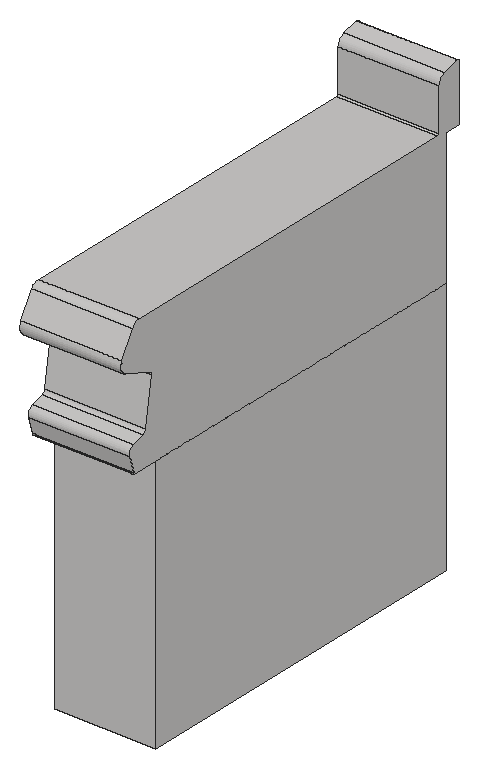
Revit family "QF_CAPIC_CELTIC_W380632", category Equipement spécialisé, Revit 2018
Family settings
  Cote de connecteur circulaire = Utiliser le diamètre
  Type d'élément = Normal
  Numéro OmniClass = 23.40.40.14
  Titre OmniClass = Food Service Equipment
  Basée sur le plan de construction = Non
  Toujours verticalement = Oui
  Couper avec des vides une fois chargée = Non
  Partagée = Non
  Point de calcul de pièce = Non
Parameters (values of type "200 x 835 x 900 mm")
  URL catalogue = "http://www.capic-fr.com/fr/"
  Type de Raccord Plomberie [instance] = ""
  Type de Raccord Electrique [instance] = ""
  Type de Gaz = ""
  Type article [instance] = ""
  Tension = 0 V
  Spécification du Fabricant = ""
  Show Logo [instance] = yes
  Remarques evacuation [instance] = ""
  Remarques Plomberie [instance] = ""
  Remarques Electricité [instance] = ""
  Puissance électrique  = 0 W
  Puissance Gaz kW = 0
  Profondeur hors tout = 835 mm
  Pression Maximum Eau Adoucie = 0.0 Pa
  Poids net à vide = 23.00 kg
  Phase = 0
  Modèle = "W380632"
  Longueur hors tout = 200 mm
  Intensité nominale = 0 A
  Hauteur hors tout = 1015 mm
  Hauteur de Raccordement du Sol Finis = 0 mm
  Hauteur de Raccordement Gaz du Sol Finis = 0 mm
  Hauteur de Raccordement Evacuation Directe du Sol Finis = 0 mm
  Hauteur de Raccordement Eau Froide du Sol Finis = 0 mm
  Hauteur de Raccordement Eau Chaude du Sol Finis = 0 mm
  Hauteur de Raccordement Eau Adoucie du Sol Finis = 0 mm
  Fréquence = 0 Hz
  Fabricant = "CAPIC"
  Débit d'air d'extraction = 0.0 m³/h
  Débit Gaz = 0.0 L/s
  Débit Eau Froide = 0.0 L/s
  Débit Eau Chaude = 0.0 L/s
  Débit Eau Adoucie = 0.0 L/s
  Diamètre de Raccordement Gaz = 0 mm
  Diamètre de Raccordement Evacuation = 0 mm
  Diamètre de Raccordement Eau Froide = 0 mm
  Diamètre de Raccordement Eau Chaude = 0 mm
  Diamètre de Raccordement Eau Adoucie = 0 mm
  Description = "Plan neutre sur facade pleine"
  Assembly Code = ""
  Classification  Omniclass nombre et titre = "23.40.40.14"
Reference planes
  plane 1 "Centre (avant/arrière)": y = 0
  plane 2: z = 0
  plane 3 "Centre (gauche/droite)": x = 0
  plane 4: x = 200
  plane 5: z = 120.054
Forms (mm)
  Extrusion 1, solid, material "QF_Stainless Steel-Brushed"
    sketch origin (0, 0, 0) x (0, 1, 0) y (0, 0, 1)
      loop
        line (-122, 897) -> (-89, 897) -> (-89, 1011.429)
        arc (-89, 1011.429) -> (-89.782, 1013.016) -> (-91.518, 1013.361) r 2
        line (-91.518, 1013.361) -> (-123.288, 1004.848)
        arc (-123.288, 1004.848) -> (-133.177, 998.24) -> (-137, 986.978) r 18.5
        line (-137, 986.978) -> (-137, 903)
        arc (-137, 903) -> (-137.879, 900.879) -> (-140, 900) r 3
        line (-140, 900) -> (-879.289, 900)
        arc (-879.289, 900) -> (-889.289, 897.321) -> (-896.61, 890) r 20
        line (-896.61, 890) -> (-922.551, 845.067)
        arc (-922.551, 845.067) -> (-924.025, 828.227) -> (-912.071, 816.274) r 20
        line (-912.071, 816.274) -> (-852.584, 794.622)
        arc (-852.584, 794.622) -> (-849.467, 792.029) -> (-848.71, 788.045) r 6
        line (-848.71, 788.045) -> (-863.004, 697.797)
        arc (-863.004, 697.797) -> (-865.152, 693.242) -> (-869.412, 690.554) r 9
        line (-869.412, 690.554) -> (-893.968, 683.511)
        arc (-893.968, 683.511) -> (-902.687, 676.541) -> (-903.87, 665.441) r 14.5
        line (-903.87, 665.441) -> (-894.201, 632.915)
        arc (-894.201, 632.915) -> (-892.759, 630.848) -> (-890.367, 630.054) r 4
        line (-890.367, 630.054) -> (-122, 630.054) -> (-122, 897)
    from 0 to 200
  Extrusion 2, solid, material "QF_Stainless Steel-Brushed"
    sketch origin (0, 0, 0) x (0, 1, 0) y (0, 0, 1)
      loop
        line (-122, 120.054) -> (-122, 630.054) -> (-838, 630.054) -> (-838, 120.054) -> (-122, 120.054)
    from 0 to 200
Dimensions and locks
  "Longueur hors tout": plane 3 "Centre (gauche/droite)" to plane 4
  aligned and locked: level to plane 2
  aligned and locked: plane 4 to Extrusion 1
  aligned and locked: plane 4 to Extrusion 2
Automatic sketch dimensions
  plane 1 "Centre (avant/arrière)" to Extrusion 1 sketch curve = 89 mm
  plane 1 "Centre (avant/arrière)" to Extrusion 1 sketch curve = 91 mm
  Extrusion 1 sketch curve to Extrusion 1 sketch curve = 0.518 mm
  plane 1 "Centre (avant/arrière)" to Extrusion 1 sketch curve = 122 mm
  plane 1 "Centre (avant/arrière)" to Extrusion 1 sketch curve = 118.5 mm
  Extrusion 1 sketch curve to Extrusion 1 sketch curve = 4.788 mm
  Extrusion 1 sketch curve to Extrusion 1 sketch curve = 18.5 mm
  Extrusion 1 sketch curve to Extrusion 1 sketch curve = 3 mm
  Extrusion 1 sketch curve to Extrusion 1 sketch curve = 3.874 mm
  Extrusion 1 sketch curve to Extrusion 1 sketch curve = 2.052 mm
  Extrusion 1 sketch curve to Extrusion 1 sketch curve = 14.294 mm
  Extrusion 1 sketch curve to Extrusion 1 sketch curve = 6.408 mm
  Extrusion 1 sketch curve to Extrusion 1 sketch curve = 8.889 mm
  Extrusion 1 sketch curve to Extrusion 1 sketch curve = 26.705 mm
  Extrusion 1 sketch curve to Extrusion 1 sketch curve = 20.559 mm
  Extrusion 1 sketch curve to Extrusion 1 sketch curve = 0.396 mm
  Extrusion 1 sketch curve to Extrusion 1 sketch curve = 3.998 mm
  Extrusion 1 sketch curve to Extrusion 1 sketch curve = 3.834 mm
  Extrusion 1 sketch curve to Extrusion 1 sketch curve = 17.321 mm  (x2)
  Extrusion 1 sketch curve to Extrusion 1 sketch curve = 13.899 mm
  Extrusion 1 sketch curve to Extrusion 1 sketch curve = 25.942 mm
  Extrusion 1 sketch curve to Extrusion 1 sketch curve = 6.84 mm
  level to Extrusion 1 sketch curve = 630.054 mm
  Extrusion 1 sketch curve to Extrusion 1 sketch curve = 2.86 mm
  Extrusion 1 sketch curve to Extrusion 1 sketch curve = 32.526 mm
  Extrusion 1 sketch curve to Extrusion 1 sketch curve = 4.131 mm
  Extrusion 1 sketch curve to Extrusion 1 sketch curve = 7.043 mm
  Extrusion 1 sketch curve to Extrusion 1 sketch curve = 7.243 mm
  Extrusion 1 sketch curve to Extrusion 1 sketch curve = 90.248 mm
  Extrusion 1 sketch curve to Extrusion 1 sketch curve = 0.939 mm
  Extrusion 1 sketch curve to Extrusion 1 sketch curve = 21.652 mm
  Extrusion 1 sketch curve to Extrusion 1 sketch curve = 18.794 mm
  Extrusion 1 sketch curve to Extrusion 1 sketch curve = 44.933 mm
  Extrusion 1 sketch curve to Extrusion 1 sketch curve = 10 mm
  Extrusion 1 sketch curve to Extrusion 1 sketch curve = 6 mm
  Extrusion 1 sketch curve to Extrusion 1 sketch curve = 83.978 mm
  Extrusion 1 sketch curve to Extrusion 1 sketch curve = 6.581 mm
  Extrusion 1 sketch curve to Extrusion 1 sketch curve = 708.71 mm
  Extrusion 2 sketch curve to plane 5 = 0 mm
  plane 5 to Extrusion 2 sketch curve = 510 mm
  plane 1 "Centre (avant/arrière)" to Extrusion 2 sketch curve = 838 mm
  plane 1 "Centre (avant/arrière)" to Extrusion 2 sketch curve = 122 mm
